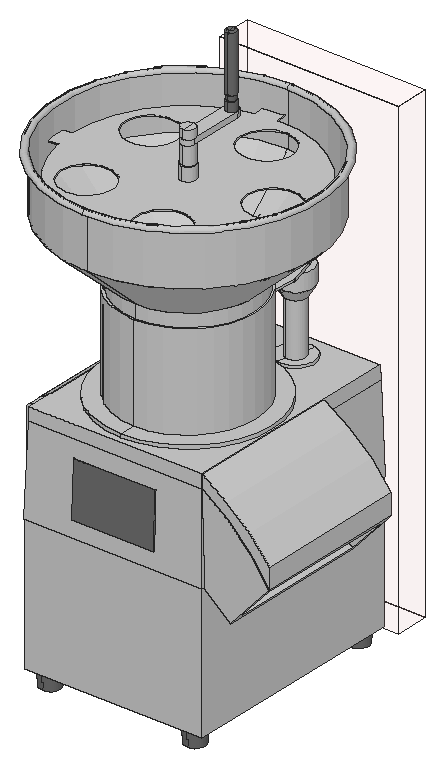
Revit family "Cortadora_CA-61_GENERADO", category Equipos especializados, Revit 2014
Parameters (values of type "Vegetable preparation machine CA-62 400/50/3")
  Width = 430 mm
  Weight in Pounds = 65
  Volts = 400 V
  URL Cutsheet = "http://www.sammic.com/dl/455022/cbd1f/ps-en-1050738-vegetable-preparation-machine-ca-62.pdf"
  URL = "https://www.sammic.com/model/1050738"
  Specification by Manufacturer = "Two-speed motor block + high-production semi-automatic hopper."
  Show Logo [instance] = yes
  Show Clearances [instance] = yes
  Revision Code = "1"
  Phase = 3
  Modelo = "1050738"
  Height = 810 mm
  Foodservice Equipment Identifier = yes
  Fabricante = "SAMMIC S.L."
  FL Amps = 2 A
  Descripción = "Vegetable preparation machine CA-62 400/50/3"
  Depth = 420 mm
  Cycle = 50 Hz
  Comentarios de tipo = "High-production vegetable cutter, up to 1000 kg/h."
Types (5, lengths in mm): name | Width | Weight in Pounds | Volts | URL Cutsheet | URL | Specification by Manufacturer | Phase | Modelo | Height | Fabricante | FL Amps | Descripción | Depth | Cycle | Comentarios de tipo
  (no name) | 0 | 0 | 0 V | "" | 0 | "" | 0 | 0 | 0 | 0 | 0 A | 0 | 0 | 0 Hz | 0
  Vegetable preparation machine CA-61 120/60/1 | 430 | 62.8 | 120 V | "http://www.sammic.com/dl/456716/5b653/ps-en-1050741-ca-61.pdf" | "https://www.sammic.com/model/1050741" | "Single-speed motor block + high-production semi-automatic hopper." | 1 | "1050741" | 810 | "SAMMIC S.L." | 4 A | "Vegetable preparation machine CA-61 120/60/1" | 420 | 60 Hz | "High-production commercial Vegetable Processor, up to 1.000 kg/h."
  Vegetable preparation machine CA-62 400/50/3 | 430 | 65 | 400 V | "http://www.sammic.com/dl/455022/cbd1f/ps-en-1050738-vegetable-preparation-machine-ca-62.pdf" | "https://www.sammic.com/model/1050738" | "Two-speed motor block + high-production semi-automatic hopper." | 3 | "1050738" | 810 | "SAMMIC S.L." | 2 A | "Vegetable preparation machine CA-62 400/50/3" | 420 | 50 Hz | "High-production vegetable cutter, up to 1000 kg/h."
  Vegetable preparation machine CA-62 400/60/3 | 430 | 65 | 400 V | "http://www.sammic.com/dl/455023/1acad/ps-en-1050740-vegetable-preparation-machine-ca-62.pdf" | "https://www.sammic.com/model/1050740" | "Two-speed motor block + high-production semi-automatic hopper." | 3 | "1050740" | 810 | "SAMMIC S.L." | 2 A | "Vegetable preparation machine CA-62 400/60/3" | 420 | 60 Hz | "High-production vegetable cutter, up to 1000 kg/h."
  Vegetable preparation machine CA-62 220/60/3 | 430 | 65 | 220 V | "http://www.sammic.com/dl/454962/5a98b/ps-en-1050744-vegetable-preparation-machine-ca-62.pdf" | "https://www.sammic.com/model/1050744" | "Two-speed motor block + high-production semi-automatic hopper." | 3 | "1050744" | 810 | "SAMMIC S.L." | 4 A | "Vegetable preparation machine CA-62 220/60/3" | 420 | 60 Hz | "High-production vegetable cutter, up to 1000 kg/h."
Values of the unnamed type that differ from the named types
  Revision Code = ""
Reference planes
  plane 1 "Centro (Frontal/Posterior)": y = 0
  plane 2: z = 0
  plane 3 "Centro (Izquierda/Derecha)": x = 0
  plane 4: x = 357.084
  plane 5: x = -63.337
  plane 6: y = 25.2
  plane 7: y = -393.365
  plane 8: y = -335.108
Forms (mm)
  Extrusion 1, solid
    sketch origin (0, 0, 0) x (1, 0, 0) y (0, 1, 0)
      loop
        line (0, 0) -> (0, -336.5) -> (259.8, -336.5) -> (259.8, 0) -> (0, 0)
    from 21 to 219
  Revolve 2, solid
    sketch origin (23, 0, 0) x (0, 1, 0) y (0, 0, 1)
      loop
        line (-335, 21) -> (-333.5, 0) -> (-319, 0) -> (-319, 21) -> (-335, 21)
      axis (-319, 21) -> (-319, 0)
    angle from 0 to 360
  Revolve 3, solid
    sketch origin (236.8, 0, 0) x (0, 1, 0) y (0, 0, 1)
      loop
        line (-335, 21) -> (-333.5, 0) -> (-319, 0) -> (-319, 21) -> (-335, 21)
      axis (-319, 21) -> (-319, 0)
    angle from 0 to 360
  Revolve 4, solid
    sketch origin (236.8, 301.5, 0) x (0, 1, 0) y (0, 0, 1)
      loop
        line (-335, 21) -> (-333.5, 0) -> (-319, 0) -> (-319, 21) -> (-335, 21)
      axis (-319, 21) -> (-319, 0)
    angle from 0 to 360
  Revolve 5, solid
    sketch origin (23, 301.5, 0) x (0, 1, 0) y (0, 0, 1)
      loop
        line (-335, 21) -> (-333.5, 0) -> (-319, 0) -> (-319, 21) -> (-335, 21)
      axis (-319, 21) -> (-319, 0)
    angle from 0 to 360
  Extrusion 6, solid
    sketch origin (0, 6.438, 118.514) x (0, 0.999908, 0.013581) y (0, -0.013581, 0.999908)
      loop
        line (-337.559, 209.463) -> (-338.558, 209.506) -> (-341.99, 129.58) -> (-340.991, 129.537) -> (-337.559, 209.463)
    from 69.9 to 189.9
  Revolve 7, solid
    sketch origin (-190.1, -3.6, 263.3) x (1, 0, 0) y (0, 1, 0)
      loop
        line (211.45, 2.8) -> (224.95, 2.8) -> (224.95, 28.8) -> (211.45, 28.8) -> (211.45, 2.8)
      axis (224.95, 28.8) -> (224.95, 2.8)
    angle from 0 to 360
  Extrusion 8, solid
    sketch origin (0, 0, 0) x (0, 1, 0) y (0, 0, 1)
      loop
        line (25.2, 697.099) -> (25.2, 0) -> (75.2, 0) -> (75.2, 697.099) -> (25.2, 697.099)
    from -1.6 to 261.4
Lines and regions (mm)
  symbolic lines, style "200-EquipBorder-2D"
    curve 1: line (48.321, 25.2, 0) -> (21.35, 25.2, 0)
    curve 2: line (21.35, 25.2, 0) -> (21.35, 0, 0)
    curve 3: line (21.35, 0, 0) -> (-1.6, 0, 0)
    curve 4: line (357.084, -333.216, 0) -> (357.084, -107.816, 0)
    curve 5: line (261.4, 0, 0) -> (48.321, 0, 0)
    curve 6: line (48.321, 0, 0) -> (48.321, 25.2, 0)
    curve 7: line (-1.6, 0, 0) -> (-1.6, -57.387, 0)
    curve 8: arc (-1.6, -57.387, 0) -> (-5.616, -61.184, 0) -> (-9.413, -65.2, 0) r 98.733
    curve 9: line (-9.413, -65.2, 0) -> (-17.689, -65.2, 0)
    curve 10: line (-17.689, -65.2, 0) -> (-17.689, -74.272, 0)
    curve 11: arc (-17.689, -74.272, 0) -> (1.001, -343.781, 0) -> (270.951, -333.216, 0) r 193.973
    curve 12: line (270.951, -333.216, 0) -> (357.084, -333.216, 0)
    curve 13: line (357.084, -107.816, 0) -> (301.525, -107.816, 0)
    curve 14: arc (301.525, -107.816, 0) -> (283.652, -80.316, 0) -> (261.4, -56.221, 0) r 193.973
    curve 15: line (261.4, -56.221, 0) -> (261.4, 0, 0)
  symbolic lines, style "QF-Clearances"
    curve 16: line (-1.6, 75.2, 0) -> (261.4, 75.2, 0)
Dimensions and locks
  aligned and locked: level to plane 2
Nested families
  nested 1: "CK-35_Cortadora_Entrada" at (0, 0, 0), type "CK-35_Cortadora_Entrada"
    with Show Logo yes, Show Clearances yes
  nested 2: "CA-42_Cortadora_Entrada" at (0, 0, 0), type "CA-42_Cortadora_Entrada"
    with Show Logo yes, Show Clearances yes
  nested 3: "Tolva_CA-42" at (130.508, -509.39, -201.581) x (0, 1, 0) z (0, 0, 1), type "Tolva_CA-42"
    with Show Logo yes, Show Clearances yes
Connectors
  electrical at (34.85, -0.8, 263.3)
    settings: on Revolve 7, index 1, voltage 230 V, apparent load 0 VA, apparent load phase1 0 VA, apparent load phase2 0 VA, apparent load phase3 0 VA, power factor 1, load classification "Otro", number of poles 1, system type 31, power factor state 1, is connector primary yes, connector utility no, sub classification motor no, connector description "Conexion electrica"
Definition of nested family "CK-35_Cortadora_Entrada"
  Parameters (values of type "CK-35_Cortadora_Entrada")
    Show Logo [instance] = yes
    Show Clearances [instance] = yes
  Reference planes
    plane 1 "Centro (Frontal/Posterior)": y = 0
    plane 2: z = 0
    plane 3 "Centro (Izquierda/Derecha)": x = 0
    plane 4: z = 219
  Forms (mm)
    Extrusion 1, solid
      sketch origin (0, 0, 0) x (1, 0, 0) y (0, 1, 0)
        loop
          line (-1.6, 0.5) -> (-1.6, -337) -> (261.4, -337) -> (261.4, 0.5) -> (-1.6, 0.5)
      from 219 to 348
    Extrusion 2, void
      sketch origin (0, 0, 0) x (1, 0, 0) y (0, 0, 1)
        loop
          line (2.9, 367.3) -> (2.9, 368.3) -> (-2.6, 368.3) -> (-2.6, 218) -> (-1.6, 218) -> (-1.6, 219) -> (2.9, 367.3)
        loop
          line (256.9, 368.3) -> (256.9, 367.3) -> (261.4, 219) -> (261.4, 218) -> (262.4, 218) -> (262.4, 368.3) -> (256.9, 368.3)
      from 0 to 337
    Extrusion 3, void
      sketch origin (0, 0, 0) x (0, 1, 0) y (0, 0, 1)
        loop
          line (-332.65, 367.3) -> (-332.65, 368.3) -> (-338, 368.3) -> (-338, 218) -> (-337, 218) -> (-337, 219) -> (-332.65, 367.3)
        loop
          line (-3.85, 367.3) -> (0, 219) -> (0, 218) -> (1.5, 218) -> (1.5, 368.3) -> (-3.85, 368.3) -> (-3.85, 367.3)
      from -1.6 to 261.4
    Extrusion 4, solid
      sketch origin (0, 0, 0) x (1, 0, 0) y (0, 0, 1)
        loop
          line (261.4, 219) -> (301, 185.8) -> (357.084, 248.401)
          arc (357.084, 248.401) -> (313.501, 304.417) -> (257.486, 348) r 286.5
          line (257.486, 348) -> (261.4, 219)
      from 107.816 to 333.216
    Extrusion 5, void
      sketch origin (0, 0, 0) x (1, 0, 0) y (0, 0, 1)
        loop
          line (262.77, 338.706) -> (266.33, 221.392) -> (308.172, 186.312) -> (356.653, 240.426)
          arc (356.653, 240.426) -> (315.239, 294.846) -> (262.77, 338.706) r 305.9
      from 112.816 to 328.216
    Extrusion 6, solid
      sketch origin (0, 0, 0) x (1, 0, 0) y (0, 0, 1)
        loop
          line (-0.426, 257.7) -> (2.314, 348)
          arc (2.314, 348) -> (-7.687, 358.002) -> (-17.689, 348) r 10.002
          line (-17.689, 348) -> (-17.689, 282.8) -> (-0.426, 257.7)
        loop
          circle (-7.687, 348) r 5
      from 291.7 to 311.7
    Extrusion 7, solid
      sketch origin (0, 231.5, 0) x (1, 0, 0) y (0, 0, 1)
        loop
          line (-0.426, 257.7) -> (2.314, 348)
          arc (2.314, 348) -> (-7.687, 358.002) -> (-17.689, 348) r 10.002
          line (-17.689, 348) -> (-17.689, 282.8) -> (-0.426, 257.7)
        loop
          circle (-7.687, 348) r 5
      from 296.7 to 316.7
  Cuts and joins
    Extrusion 2, Extrusion 3 cuts Extrusion 1
    Extrusion 5 cuts Extrusion 4
  Dimensions and locks
    aligned and locked: level to plane 2
Definition of nested family "CA-42_Cortadora_Entrada"
  Parameters (values of type "CA-42_Cortadora_Entrada")
    Show Logo [instance] = yes
    Show Clearances [instance] = yes
  Reference planes
    plane 1 "Centro (Frontal/Posterior)": y = 0
    plane 2: z = 0
    plane 3 "Centro (Izquierda/Derecha)": x = 0
    plane 4: z = 348
    plane 5: y = -198.591
    plane 6: x = 130.468
  Forms (mm)
    Extrusion 1, solid
      sketch origin (0, 0, 0) x (1, 0, 0) y (0, 1, 0)
        loop
          line (-1.6, 0.5) -> (-1.6, -337) -> (261.4, -337) -> (261.4, 0.5) -> (-1.6, 0.5)
      from 348 to 367.3
    Extrusion 2, void
      sketch origin (0, 0, 0) x (1, 0, 0) y (0, 0, 1)
        loop
          line (2.9, 367.3) -> (2.9, 368.3) -> (-2.6, 368.3) -> (-2.6, 218) -> (-1.6, 218) -> (-1.6, 219) -> (2.9, 367.3)
        loop
          line (256.9, 368.3) -> (256.9, 367.3) -> (261.4, 219) -> (261.4, 218) -> (262.4, 218) -> (262.4, 368.3) -> (256.9, 368.3)
      from 0 to 337
    Extrusion 3, void
      sketch origin (0, 0, 0) x (0, 1, 0) y (0, 0, 1)
        loop
          line (-332.65, 367.3) -> (-332.65, 368.3) -> (-338, 368.3) -> (-338, 348) -> (-337, 348) -> (-337, 219) -> (-332.65, 367.3)
        loop
          line (-3.85, 367.3) -> (0, 219) -> (0, 218) -> (1.5, 218) -> (1.5, 368.3) -> (-3.85, 368.3) -> (-3.85, 367.3)
      from -1.6 to 261.4
    Extrusion 4, solid
      sketch origin (0, 0, 0) x (1, 0, 0) y (0, 0, 1)
        loop
          line (256.9, 367.3) -> (257.486, 348)
          arc (257.486, 348) -> (313.501, 304.417) -> (357.084, 248.401) r 286.5
          line (357.084, 248.401) -> (357.084, 278.8)
          arc (357.084, 278.8) -> (311.937, 328.648) -> (256.9, 367.3) r 302.8
      from 107.816 to 332.65
    Extrusion 5, solid
      sketch origin (0, 0, 0) x (1, 0, 0) y (0, 0, 1)
        loop
          line (2.9, 367.3) -> (-13.313, 356.269)
          arc (-13.313, 356.269) -> (-12.365, 339.16) -> (2.314, 348) r 10.002
          line (2.314, 348) -> (2.9, 367.3)
        loop
          circle (-7.687, 348) r 5
      from 86.2 to 290.7
  Cuts and joins
    Extrusion 2, Extrusion 3 cuts Extrusion 1
  Dimensions and locks
    aligned and locked: level to plane 2
Definition of nested family "Tolva_CA-42"
  Parameters (values of type "Tolva_CA-42")
    Show Logo [instance] = yes
    Show Clearances [instance] = yes
  Reference planes
    plane 1: z = 0
    plane 2 "Centro (Izquierda/Derecha)": x = 0
  Forms (mm)
    Revolve 1, solid
      sketch origin (0, 0, 0) x (1, 0, 0) y (0, 0, 1)
        loop
          arc (117.022, 893.381) -> (121.022, 897.381) -> (125.022, 893.381) r 4
          line (125.022, 893.381) -> (125.022, 814.381) -> (212.772, 733.398) -> (212.772, 714.381) -> (209.772, 714.381) -> (209.772, 573.681) -> (186.005, 573.681) -> (186.005, 568.881) -> (211.772, 568.881) -> (211.772, 713.381) -> (213.772, 713.381) -> (213.772, 733.835) -> (126.022, 814.819) -> (126.022, 893.381)
          arc (126.022, 893.381) -> (121.022, 898.381) -> (116.022, 893.381) r 5
          line (116.022, 893.381) -> (117.022, 893.381)
        axis (309.995, 893.381) -> (309.995, 568.881)
      angle from 0 to 360
    Revolve 2, solid
      sketch origin (-0.001, -0.441, 0) x (0.999999, 0.001396, 0) y (0, 0, 1)
        loop
          line (309.96, 925.381) -> (299.995, 925.381) -> (299.995, 913.296) -> (306.872, 913.296) -> (306.872, 905.458) -> (300.221, 905.458) -> (300.221, 878.381) -> (299.022, 877.182) -> (299.022, 858.381) -> (309.96, 858.381) -> (309.96, 925.381)
        axis (309.96, 925.381) -> (309.96, 858.381)
      angle from 0 to 360
    Revolve 3, solid
      sketch origin (-0.001, -0.441, 0) x (0.999999, 0.001396, 0) y (0, 0, 1)
        loop
          line (390.022, 1019.381) -> (385.022, 1019.381) -> (382.622, 1016.981) -> (382.622, 935.188) -> (384.022, 933.789) -> (384.022, 926.864) -> (382.622, 925.465) -> (382.622, 913.381) -> (390.022, 913.381) -> (390.022, 1019.381)
        axis (390.022, 1019.381) -> (390.022, 913.381)
      angle from 0 to 360
    Revolve 4, solid
      sketch origin (9.738, 77.084, 0) x (0.968583, -0.24869, 0) y (0, 0, 1)
        loop
          line (465.131, 766.381) -> (461.131, 766.381) -> (461.131, 764.381) -> (457.131, 764.381) -> (457.131, 736.381) -> (454.131, 724.381) -> (454.131, 716.381) -> (448.131, 716.381) -> (448.131, 699.881) -> (453.631, 699.881) -> (453.631, 692.381) -> (440.131, 692.381) -> (440.131, 667.381) -> (450.131, 651.381) -> (451.131, 651.381) -> (451.131, 572.381) -> (437.731, 572.381) -> (437.731, 568.881) -> (465.131, 568.881) -> (465.131, 766.381)
        axis (465.131, 568.881) -> (465.131, 766.381)
      angle from 0 to 360
    Extrusion 5, solid
      sketch origin (-0.001, -0.441, 0) x (0.999999, 0.001396, 0) y (-0.001396, 0.999999, 0)
        loop
          arc (309.995, 10) -> (299.995, 0) -> (309.995, -10) r 10
          line (309.995, -10) -> (390.022, -10)
          arc (390.022, -10) -> (400.022, 0) -> (390.022, 10) r 10
          line (390.022, 10) -> (309.995, 10)
        loop
          circle (309.995, 0) r 6.3
        loop
          circle (390.022, 0) r 4
      from 905.458 to 913.381
    Extrusion 6, solid
      sketch origin (-427.014, -339.437, 0) x (1, 0, 0) y (0, 1, 0)
        loop
          circle (658.687, 426.376) r 37.5
        loop
          circle (795.475, 440.753) r 37.5
        loop
          circle (851.418, 315.103) r 37.5
        loop
          circle (749.205, 223.069) r 37.5
        loop
          circle (630.09, 291.84) r 37.5
        loop
          circle (736.975, 339.429) r 10
        loop
          line (702.94, 519.745) -> (704.514, 504.772)
          arc (704.514, 504.772) -> (606.026, 445.469) -> (568.495, 336.803) r 168.5
          line (568.495, 336.803) -> (553.523, 335.23)
          arc (553.523, 335.23) -> (554.48, 320.248) -> (556.659, 305.394) r 183.5
          line (556.659, 305.394) -> (571.631, 306.968)
          arc (571.631, 306.968) -> (630.934, 208.479) -> (739.6, 170.949) r 168.5
          line (739.6, 170.949) -> (741.174, 155.977)
          arc (741.174, 155.977) -> (756.156, 156.934) -> (771.01, 159.112) r 183.5
          line (771.01, 159.112) -> (769.436, 174.085)
          arc (769.436, 174.085) -> (867.924, 233.388) -> (905.455, 342.054) r 168.5
          line (905.455, 342.054) -> (920.427, 343.627)
          arc (920.427, 343.627) -> (919.47, 358.609) -> (917.291, 373.463) r 183.5
          line (917.291, 373.463) -> (902.319, 371.889)
          arc (902.319, 371.889) -> (843.015, 470.378) -> (734.35, 507.908) r 168.5
          line (734.35, 507.908) -> (732.776, 522.88)
          arc (732.776, 522.88) -> (717.794, 521.923) -> (702.94, 519.745) r 183.5
      from 856.881 to 858.381
    Extrusion 7, solid
      sketch origin (373.698, -64.829, 0) x (1, 0, 0) y (0, 1, 0)
        loop
          arc (35.705, 80.191) -> (33.685, 39.751) -> (15.529, 3.56) r 98.25
          line (15.529, 3.56) -> (50.143, 0.037)
          arc (50.143, 0.037) -> (51.156, -0.014) -> (52.168, 0.037) r 10
          line (52.168, 0.037) -> (90.909, 9.994)
          arc (90.909, 9.994) -> (103.036, 22.128) -> (98.245, 38.601) r 16.85
          line (98.245, 38.601) -> (70.295, 64.829)
          arc (70.295, 64.829) -> (68.868, 65.955) -> (67.269, 66.822) r 10.645
          line (67.269, 66.822) -> (35.705, 80.191)
        loop
          circle (86.51, 26.3) r 11
      from 692.381 to 695.381
    Extrusion 8, solid
      sketch origin (393.186, -27.882, 0) x (0.968583, -0.24869, 0) y (0, 0, 1)
        loop
          line (49.661, 757.681) -> (33.924, 757.681) -> (12.625, 738.422) -> (12.625, 716.281) -> (51.182, 716.281) -> (72.625, 762.359) -> (72.625, 764.381) -> (57.118, 764.381)
          arc (57.118, 764.381) -> (54.673, 759.602) -> (49.661, 757.681) r 7.5
      from 16.723 to 18.692
    Extrusion 9, solid
      sketch origin (404.547, 16.366, 0) x (0.968583, -0.24869, 0) y (0, 0, 1)
        loop
          line (49.661, 757.681) -> (33.924, 757.681) -> (12.625, 738.422) -> (12.625, 716.281) -> (51.182, 716.281) -> (72.625, 762.359) -> (72.625, 764.381) -> (57.118, 764.381)
          arc (57.118, 764.381) -> (54.673, 759.602) -> (49.661, 757.681) r 7.5
      from 14.375 to 16.375
    Extrusion 10, solid
      sketch origin (393.186, -27.882, 0) x (0.968583, -0.24869, 0) y (0.24869, 0.968583, 0)
        loop
          arc (44.691, 21.008) -> (45.506, 6.308) -> (44.691, -8.392) r 132.989
          line (44.691, -8.392) -> (49.661, -8.392)
          arc (49.661, -8.392) -> (54.964, -10.588) -> (57.161, -15.892) r 7.5
          line (57.161, -15.892) -> (57.161, -18.692) -> (72.625, -18.692) -> (72.625, -15.792)
          arc (72.625, -15.792) -> (76.161, -14.327) -> (77.625, -10.792) r 5
          line (77.625, -10.792) -> (77.625, 23.408)
          arc (77.625, 23.408) -> (76.161, 26.944) -> (72.625, 28.408) r 5
          line (72.625, 28.408) -> (72.625, 31.308) -> (57.118, 31.308) -> (57.118, 27.708)
          arc (57.118, 27.708) -> (54.673, 22.929) -> (49.661, 21.008) r 7.5
          line (49.661, 21.008) -> (44.691, 21.008)
        loop
          circle (67.625, 6.308) r 4
      from 764.381 to 766.381
    Revolve 11, solid
      sketch origin (0, 0, 680) x (1, 0, 0) y (0, 1, 0)
        loop
          line (464.189, -11.207) -> (467.095, -11.953) -> (473.934, 14.683) -> (469.575, 15.802) -> (463.979, -5.991) -> (464.811, -8.786) -> (464.189, -11.207)
        axis (473.934, 14.683) -> (467.095, -11.953)
      angle from 0 to 360
  Lines and regions (mm)
    model lines, style "1"
      curve 1: line (503.022, 0, 893.381) -> (504.022, 0, 893.381)
      curve 2: line (495.022, 0, 893.381) -> (495.022, 0, 817.227)
      curve 3: line (495.022, 0, 817.227) -> (492.931, 0, 812.45)
      curve 4: line (492.413, 0, 813.334) -> (494.022, 0, 817.008)
      curve 5: line (494.022, 0, 817.008) -> (494.022, 0, 893.381)
  Dimensions and locks
    aligned and locked: level to plane 1
